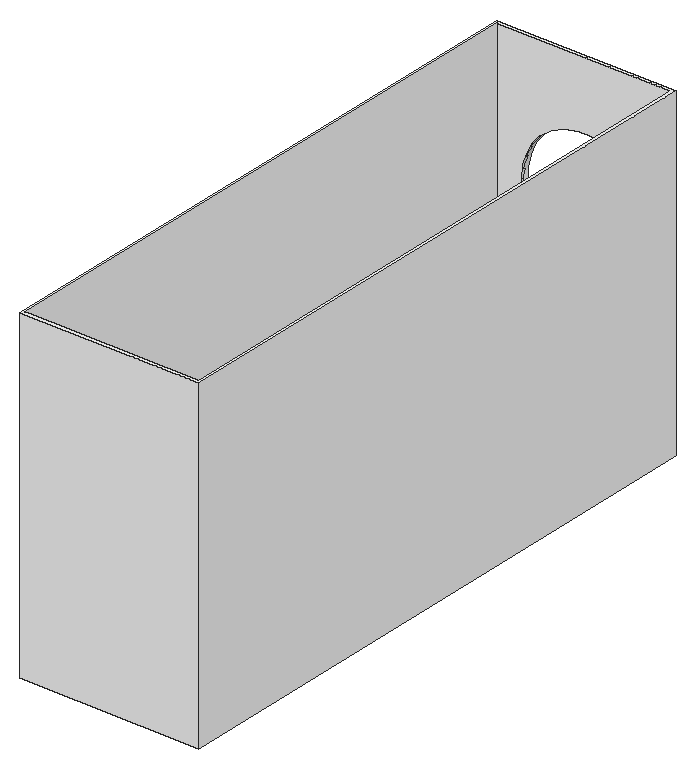
Revit family "NBS_CordekLtd_DschrgeAndVntltngStackTrmntns_GroundLevelVentBox-CGV-017", category Mechanical Equipment, Revit 2014
Parameters
  Width = 150.00 mm
  Weight = "n/a"
  WarrantyStartDate [instance] = "1900-12-31T23:59:59"
  WarrantyGuarantorParts = "n/a"
  WarrantyGuarantorLabor = "n/a"
  WarrantyDurationUnit = "year"
  WarrantyDurationParts = "n/a"
  WarrantyDurationLabor = "n/a"
  WarrantyDescription = "n/a"
  Version = "1"  # constant formula
  VentBoxMaterial = NBS_Concept
  Uniclass2015Version = "Products v1.1"  # constant formula
  Uniclass2015Reference = "Pr_65_52_61_23"
  Uniclass2015Description = "Discharge and ventilating stack terminations"
  Uniclass2 = "90-62-24/422"
  TagNumber [instance] = "n/a"
  SustainabilityPerformance = "n/a"
  Size = "500 x 150 x 275 mm"
  Shape = "Rectangular"
  SerialNumber [instance] = "n/a"
  Revision = "n/a"
  ReplacementCost = "n/a"
  Reference = "n/a"
  ProductInformation = "www.cordek.com/uploads/data_sheets/M-DS32_ground_level_vent_box_data_sheet_v2_cordek.pdf"
  NominalWidth = Width  # 150.00 mm
  NominalLength = Length  # 500.00 mm
  NominalHeight = Height  # 275.00 mm
  Name = "DischargeAndVentilatingStackTerminations_GroundLevelVentBox-CGV-017_CordekLtd"
  NBSTypeID = "n/a"
  NBSReference = "90-10-60/437"
  NBSOfficeMasterTag = "n/a"
  NBSNote = "n/a"
  NBSDescription = "Discharge and ventilating stack terminations"
  NBSCertification = "http://www.nationalbimlibrary.com/cert/majfniws"
  ModelReference = "Ground Level Vent Box - CGV-017"
  ModelNumber = "CGV-017"
  Material = "n/a"
  ManufacturerURL = "www.cordek.com"
  ManufacturerName = "Cordek Ltd"  # constant formula
  Manufacturer = "info@cordek.com"  # constant formula
  Length = 500.00 mm
  InstallationDate [instance] = "1900-12-31T23:59:59"
  IfcExportType = "NOTDEFINED"  # constant formula
  IfcExportAs = "IfcStackTerminalType"  # constant formula
  Height = 275.00 mm
  Grade = "n/a"
  FreeAirFlow = "n/a"
  Finish = "n/a"
  Features = "Side connection into vent box prevents surface water from entering the gas inlet, base connection to stormwater collection, land drainage or soakaway system, removable mesh over drain outlet to prevent blockage by debris"
  ExpectedLife = "n/a"
  DurationUnit = "year"
  Description = "Ground level vent box without lid"
  Constituents = "n/a"
  ConnectionSizes = "Gas inlet: 110 mm; Water outlet: 110 mm"
  ColourOptions = "n/a"
  Color = "n/a"
  CodePerformance = "n/a"
  Category = "Pr_65_52_61_23:Discharge and ventilating stack terminations"
  BarCode [instance] = "n/a"
  BIMObjectName = "NBS_CordekLtd_DischargeAndVentilatingStackTerminations_GroundLevelVentBox-CGV-017"
  Author = "NBS"  # constant formula
  AssetType = "Fixed"
  AssetIdentifier [instance] = "n/a"
  Arrangement = "Ground level vent box"
  Accessories = "n/a"
  AccessibilityPerformance = "n/a"
Reference planes
  plane 1 "Center (Front/Back)": y = 0
  plane 2: z = 0
  plane 3 "Center (Left/Right)": x = 0
  plane 4: y = -364
  plane 5: z = -110
  plane 6 "Back": y = -504
  plane 7 "Front": y = -4
  plane 8 "Left": x = -75
  plane 9 "Right": x = 75
  plane 10: z = -275
  plane 11: y = -254
Forms (mm)
  Extrusion 1, solid, material "NBS_Concept" <- "VentBoxMaterial"
    sketch origin (0, 0, 0) x (1, 0, 0) y (0, 1, 0)
      loop
        line (-75, -6) -> (-75, -504) -> (75, -504) -> (75, -6) -> (73, -6) -> (73, -502) -> (-73, -502) -> (-73, -6) -> (-75, -6)
    from -275 to 0
  Extrusion 2, solid, material "NBS_Concept" <- "VentBoxMaterial"
    sketch origin (0, 0, 0) x (1, 0, 0) y (0, 1, 0)
      loop
        line (-73, -6) -> (-73, -502) -> (73, -502) -> (73, -6) -> (-73, -6)
      loop
        circle (0, -364) r 52.5
    from -275 to -273
  Revolve 3, solid, material "NBS_Concept" <- "VentBoxMaterial", detail levels fine
    sketch origin (0, 0, 0) x (0, 1, 0) y (0, 0, 1)
      loop
        line (-309, -275) -> (-311.5, -275) -> (-311.5, -279) -> (-309, -279) -> (-309, -275)
      axis (-364, -275) -> (-364, -279)
    angle from 0 to 360
  Revolve 4, solid, material "NBS_Concept" <- "VentBoxMaterial", detail levels fine
    sketch origin (0, 0, 0) x (0, 1, 0) y (0, 0, 1)
      loop
        line (0, -55) -> (-4, -55) -> (-4, -57.5) -> (0, -57.5) -> (0, -55)
      axis (-4, -110) -> (0, -110)
    angle from 0 to 360
  Extrusion 5, solid, material "NBS_Concept" <- "VentBoxMaterial"
    sketch origin (0, 0, 0) x (1, 0, 0) y (0, 0, 1)
      loop
        line (-75, 0) -> (-75, -275) -> (75, -275) -> (75, 0) -> (-75, 0)
      loop
        circle (0, -110) r 52.5
    from 4 to 6
  Extrusion 6, void
    sketch origin (0, 0, 0) x (1, 0, 0) y (0, 1, 0)
      loop
        line (-75, 0) -> (-75, -504) -> (75, -504) -> (75, 0) -> (-75, 0)
    from 0 to -275
Cuts and joins
  joined: Extrusion 1, Extrusion 2, Extrusion 5
Dimensions and locks
  locked: plane 7 "Front" to plane 1 "Center (Front/Back)" at 4
  "Length": plane 6 "Back" to plane 7 "Front"
  equal spacing: plane 8 "Left", plane 3 "Center (Left/Right)", plane 9 "Right"
  "Width": plane 8 "Left" to plane 9 "Right"
  locked: level to plane 5 at 110
  "Height": level to plane 10
  locked: plane 6 "Back" to plane 4 at 140
  locked: plane 8 "Left" to Extrusion 1 sketch curve at 2
  locked: Extrusion 1 sketch curve to plane 9 "Right" at 2
  locked: plane 6 "Back" to Extrusion 1 sketch curve at 2
  locked: Extrusion 1 sketch curve to plane 7 "Front" at 2  (x2)
  equal spacing: plane 6 "Back", plane 11, plane 7 "Front"
  aligned and locked: level to plane 2
  aligned and locked: plane 4 to Revolve 3 sketch curve
  aligned and locked: plane 5 to Revolve 4 sketch curve
  aligned and locked: plane 3 "Center (Left/Right)" to Extrusion 2 sketch curve
  aligned and locked: plane 4 to Extrusion 2 sketch curve
  aligned and locked: plane 3 "Center (Left/Right)" to Extrusion 5 sketch curve
  aligned and locked: plane 5 to Extrusion 5 sketch curve
  aligned and locked: Extrusion 5 to Extrusion 1
  aligned and locked: Extrusion 6 sketch curve to plane 6 "Back"
  aligned and locked: Extrusion 6 sketch curve to plane 8 "Left"
  aligned and locked: plane 9 "Right" to Extrusion 6 sketch curve
  aligned and locked: plane 1 "Center (Front/Back)" to Extrusion 6 sketch curve
  aligned and locked: level to Extrusion 6
  aligned and locked: plane 10 to Extrusion 6
Automatic sketch dimensions
  Extrusion 1 sketch curve to plane 8 "Left" = 0.00 mm
  plane 6 "Back" to Extrusion 1 sketch curve = 0.00 mm
  Extrusion 1 sketch curve to plane 9 "Right" = 0.00 mm
  plane 4 to Revolve 3 sketch curve = 52.50 mm
  Revolve 3 sketch curve to Revolve 3 sketch curve = 2.50 mm
  Revolve 3 sketch curve to plane 5 = 169.00 mm
  Revolve 3 sketch curve to Revolve 3 sketch curve = 4.00 mm
  Revolve 3 sketch curve to Revolve 3 sketch curve = 48.00 mm
  Revolve 3 sketch curve to Revolve 3 sketch curve = 2.00 mm
  Revolve 4 sketch curve to plane 7 "Front" = 0.00 mm
  Revolve 4 sketch curve to plane 1 "Center (Front/Back)" = 0.00 mm
  plane 5 to Revolve 4 sketch curve = 52.50 mm
  Revolve 4 sketch curve to Revolve 4 sketch curve = 2.50 mm
  plane 7 "Front" to Revolve 4 sketch curve = 2.00 mm
  Revolve 4 sketch curve to plane 1 "Center (Front/Back)" = 96.00 mm
  plane 8 "Left" to Extrusion 5 sketch curve = 0.00 mm
  Extrusion 5 sketch curve to level = 0.00 mm
  plane 9 "Right" to Extrusion 5 sketch curve = 0.00 mm
  Extrusion 5 sketch curve to plane 5 = 165.00 mm
  Extrusion 2 sketch curve to plane 8 "Left" = 2.00 mm
  plane 9 "Right" to Extrusion 2 sketch curve = 2.00 mm
  Extrusion 2 sketch curve to plane 6 "Back" = 2.00 mm
  plane 7 "Front" to Extrusion 2 sketch curve = 2.00 mm
  radius of Extrusion 5 sketch curve = 52.50 mm
  radius of Extrusion 2 sketch curve = 52.50 mm
Connectors
  piping at (0, -364, -275), diameter 110
    settings: on cut or joined group of Extrusion 1, Extrusion 2, Extrusion 5, index 1, connector inside diameter 609.6 mm, connector length 0.00 mm, flow factor 0, pipe flow 0.0 L/s, pressure drop 0.0 Pa, fitting loss kfactor 0, connector angle 0.00°, fixture units 0, engagement length 0.00 mm, angle of deflection 0.00°, flow configuration 0, flow direction 2, fitting loss method 0, system type 17, joint type 0, gender type 0, connector reference index -1, connector utility 0, adjustable connector no, is connector primary yes, connector description ""
  piping at (0, -4, -110), diameter 110
    settings: on cut or joined group of Extrusion 1, Extrusion 2, Extrusion 5, index 2, connector inside diameter 609.6 mm, connector length 0.00 mm, flow factor 0, pipe flow 0.0 L/s, pressure drop 0.0 Pa, fitting loss kfactor 0, connector angle 0.00°, fixture units 0, engagement length 0.00 mm, angle of deflection 0.00°, flow configuration 0, flow direction 1, fitting loss method 0, system type 17, joint type 0, gender type 0, connector reference index -1, connector utility 0, adjustable connector no, is connector primary no, connector description ""
